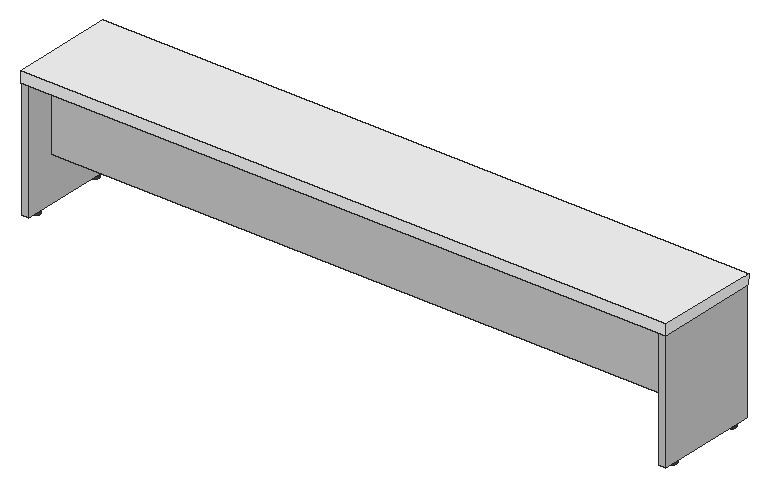
Revit family "Deck Bench Seats 450 High", category Furniture, Revit 2016
Family settings
  OmniClass Number = 23.40.20.00
  OmniClass Title = General Furniture and Specialties
  Work Plane-Based = No
  Always vertical = Yes
  Cut with Voids When Loaded = No
  Shared = No
  Room Calculation Point = No
Parameters (values of type "2200 x 350")
  Width = 2200 mm
  URL = "www.gof.co.uk"
  Type Comments = ""
  Side Panels = Gresham - Grey MFC
  Range = "DECK"
  Product Code = "DCBM22"
  Table Top = Gresham - White MFC
  Modesty Panel = Gresham - Grey MFC
  Model = ""
  Manufacturer = "Gresham Office Furniture"  # constant formula
  Foot = Gresham - Black Plastic
  Assembly Code = "E2020200"
Types (7, lengths in mm): name | Width | Product Code
  (no name) | 2200 | "DCBM22"
  1400 x 350 | 1400 | "DCBM14"
  1600 x 350 | 1600 | "DCBM16"
  1800 x 350 | 1800 | "DCBM18"
  1200 x 350 | 1200 | "DCBM12"
  2000 x 350 | 2000 | "DCBM20"
  2200 x 350 | 2200 | "DCBM22"
Reference planes
  plane 1 "Center (Front/Back)": y = 0
  plane 2: z = 0
  plane 3 "Center (Left/Right)": x = 0
  plane 4: x = -1100
  plane 5: x = 1100
  plane 6 "Table Underside": z = 414
  plane 7: y = 175
  plane 8: y = -175
  plane 9 "Foot": z = 10
  plane 10 "Modesty Panel": z = 164
  plane 11: y = 62.5
  plane 12: y = -62.5
Forms (mm)
  Extrusion 1, solid, material "Gresham - Black Plastic"
    sketch origin (474.491, 484.546, 0) x (0.707107, -0.707107, 0) y (0.707107, 0.707107, 0)
      loop
        circle (685.579, 177.104) r 12
      loop
        circle (862.356, 0.328) r 12
    from 0 to 5
  Extrusion 2, solid, material "Gresham - White MFC" <- "Table Top"
    sketch origin (0, 0, 414) x (-1, 0, 0) y (0, -1, 0)
      loop
        line (-1100, -175) -> (1100, -175) -> (1100, 175) -> (-1100, 175) -> (-1100, -175)
    from 0 to 36
  Extrusion 3, solid, material "Gresham - Grey MFC" <- "Side Panels"
    sketch origin (997, -1.506, 0) x (0, -1, 0) y (0, 0, 1)
      loop
        line (-174.506, 414) -> (-174.506, 10) -> (171.494, 10) -> (171.494, 414) -> (-174.506, 414)
    from -100 to -75
  Extrusion 4, solid, material "Gresham - Silver Metal"
    sketch origin (0, 0, 10) x (-1, 0, 0) y (0, -1, 0)
      loop
        circle (-1084.5, 125) r 5
      loop
        circle (-1084.5, -125) r 5
    from -5 to 0
  Extrusion 5, solid, material "Gresham - Grey MFC" <- "Side Panels"
    sketch origin (-997, -1.506, 0) x (0, -1, 0) y (0, 0, -1)
      loop
        line (-174.506, -414) -> (171.494, -414) -> (171.494, -10) -> (-174.506, -10) -> (-174.506, -414)
    from -100 to -75
  Extrusion 6, solid, material "Gresham - Silver Metal"
    sketch origin (0, 0, 10) x (1, 0, 0) y (0, 1, 0)
      loop
        circle (-1084.5, -125) r 5
      loop
        circle (-1084.5, 125) r 5
    from -5 to 0
  Extrusion 7, solid, material "Gresham - Grey MFC" <- "Modesty Panel"
    sketch origin (0, 0, 164) x (0, -1, 0) y (1, 0, 0)
      loop
        line (62.5, 1072) -> (62.5, -1072) -> (80.5, -1072) -> (80.5, 1072) -> (62.5, 1072)
      loop
        line (-62.5, -1072) -> (-62.5, 1072) -> (-80.5, 1072) -> (-80.5, -1072) -> (-62.5, -1072)
    from 0 to 250
  Extrusion 8, solid, material "Gresham - Black Plastic"
    sketch origin (-474.491, 484.546, 0) x (-0.707107, -0.707107, 0) y (0.707107, -0.707107, 0)
      loop
        circle (685.579, -177.104) r 12
      loop
        circle (862.356, -0.328) r 12
    from 0 to 5
Dimensions and locks
  plane 6 "Table Underside" to plane 2 = 414 mm
  equal spacing: plane 4, plane 3 "Center (Left/Right)", plane 5
  "Width": plane 4 to plane 5
  plane 7 to plane 1 "Center (Front/Back)" to plane 8 = 175 mm, 175 mm
  plane 7 to plane 8 = 350 mm
  Extrusion 2 to level = 450 mm
  locked: plane 10 "Modesty Panel" to plane 6 "Table Underside" at 250
  locked: Extrusion 3 to Extrusion 3 at 25
  locked: plane 7 to Extrusion 3 at 2
  locked: Extrusion 3 to plane 8 at 2
  locked: plane 9 "Foot" to plane 2 at 10
  locked: plane 7 to Extrusion 1 sketch curve at 50
  locked: Extrusion 4 sketch curve to plane 8 at 50
  locked: plane 7 to Extrusion 4 sketch curve at 50
  locked: Extrusion 3 to plane 5 at 3
  locked: Extrusion 5 to Extrusion 5 at 25
  locked: plane 4 to Extrusion 5 at 3
  equal spacing: plane 12, plane 1 "Center (Front/Back)", plane 11
  plane 11 to plane 12 = 125 mm
  locked: Extrusion 1 sketch curve to plane 8 at 50
  locked: Extrusion 1 sketch curve to plane 5 at 15.5
  locked: plane 4 to Extrusion 8 sketch curve at 15.5
  locked: Extrusion 8 sketch curve to plane 8 at 50
  locked: Extrusion 2 to plane 6 "Table Underside" at 36
  radius of Extrusion 1 sketch curve = 12 mm  (x2)
  radius of Extrusion 4 sketch curve = 5 mm
  radius of Extrusion 6 sketch curve = 5 mm
  radius of Extrusion 8 sketch curve = 12 mm  (x2)
  aligned and locked: level to plane 2
  aligned and locked: Extrusion 2 to plane 8
  aligned and locked: plane 7 to Extrusion 2
  aligned and locked: Extrusion 2 sketch curve to plane 4
  aligned and locked: Extrusion 2 sketch curve to plane 8
  aligned and locked: Extrusion 2 sketch curve to plane 5
  aligned and locked: plane 7 to Extrusion 2 sketch curve
  aligned and locked: Extrusion 3 to plane 9 "Foot"
  aligned and locked: plane 9 "Foot" to Extrusion 4
  aligned and locked: Extrusion 7 to Extrusion 3  (x2)
  aligned and locked: Extrusion 7 to Extrusion 5  (x2)
  aligned and locked: plane 6 "Table Underside" to Extrusion 7
Automatic sketch dimensions
  Extrusion 1 sketch curve to Extrusion 1 sketch curve = 176.777 mm
  Extrusion 3 sketch curve to plane 9 "Foot" = 0 mm
  Extrusion 3 sketch curve to plane 6 "Table Underside" = 0 mm
  Extrusion 3 sketch curve to plane 7 = 2 mm
  plane 8 to Extrusion 3 sketch curve = 2 mm
  plane 5 to Extrusion 4 sketch curve = 15.5 mm  (x2)
  Extrusion 5 sketch curve to plane 9 "Foot" = 0 mm
  Extrusion 5 sketch curve to plane 6 "Table Underside" = 0 mm
  Extrusion 5 sketch curve to plane 7 = 2 mm
  plane 8 to Extrusion 5 sketch curve = 2 mm
  Extrusion 6 sketch curve to plane 4 = 15.5 mm  (x2)
  plane 7 to Extrusion 6 sketch curve = 50 mm
  Extrusion 6 sketch curve to plane 8 = 50 mm
  Extrusion 7 sketch curve to plane 11 = 0 mm
  plane 12 to Extrusion 7 sketch curve = 0 mm
  Extrusion 7 sketch curve to Extrusion 7 sketch curve = 18 mm  (x2)
  plane 4 to Extrusion 7 sketch curve = 28 mm  (x2)
  plane 5 to Extrusion 7 sketch curve = 28 mm  (x2)
  Extrusion 8 sketch curve to plane 4 = 15.5 mm
  plane 7 to Extrusion 8 sketch curve = 50 mm
  radius of Extrusion 4 sketch curve = 5 mm
  radius of Extrusion 6 sketch curve = 5 mm
